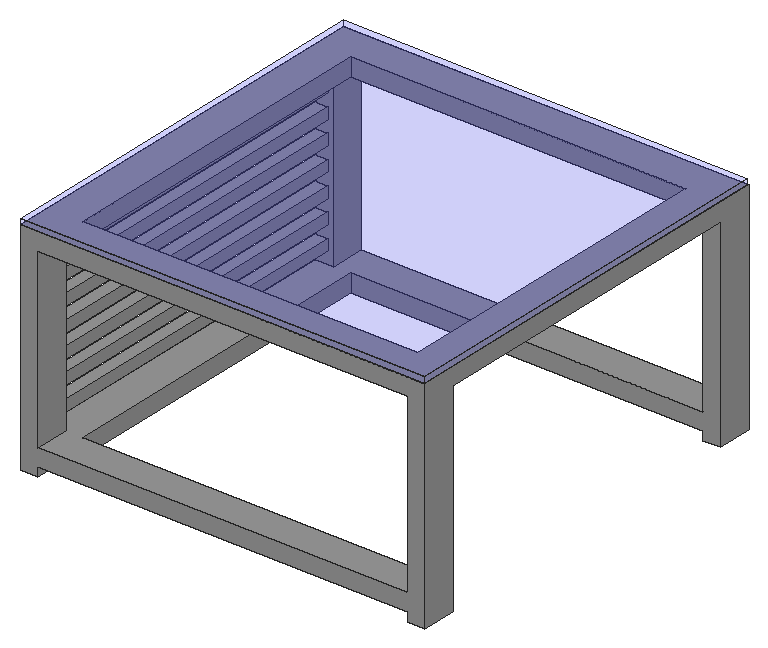
Revit family "14309 Столик «Параллель» Хоббика", category Антураж, Revit 2018
Family settings
  На основе рабочей плоскости = Нет
  Всегда вертикально = Да
  При загрузке вырезать с полостями = Нет
  Источник визуального образа = Геометрия семейства
  Общий = Нет
  Точка расчета площади = Нет
Parameters (values of type "Стеклянная столешница")
  Ширина = 700 mm  # constant formula
  Цвет стекла = Стекло
  Цвет каркаса = Сталь
  Цвет отделки = Дерево
  Стеклянная столешница = not(Деревянная столешница)  # yes
  Описание = if(Деревянная столешница, "Столик «Параллель» с деревянной столешницей", "Столик «Параллель» со стеклянной столешницей")  # "Столик «Параллель» со стеклянной столешницей"
  Материал изделия = if(Деревянная столешница, "Сталь, дерево", "Сталь, дерево, стекло")  # "Сталь, дерево, стекло"
  Изображение типоразмера = Столик «Параллель» со стеклянной столешницей Арт 14309.jpg
  Изготовитель = "ООО «Хоббика»"  # constant formula
  Длина = 700 mm  # constant formula
  Деревянная столешница = no
  Группа модели = "Мебель для дома и террас"  # constant formula
  Высота = 390 mm  # constant formula
  Артикул товара = "Арт. 14309"  # constant formula
  URL = "https://hobbyka.ru/product/stolik_parallel"
Types (3, lengths in mm): name | Стеклянная столешница | Описание | Материал изделия | Деревянная столешница
  (no name) | yes | "Столик «Параллель» со стеклянной столешницей" | "Сталь, дерево, стекло" | no
  Деревянная столешница | no | "Столик «Параллель» с деревянной столешницей" | "Сталь, дерево" | yes
  Стеклянная столешница | yes | "Столик «Параллель» со стеклянной столешницей" | "Сталь, дерево, стекло" | no
Reference planes
  plane 1 "По центру (Вперед/Назад)": y = 0
  plane 2: z = 0
  plane 3 "По центру (Влево/Вправо)": x = 0
  plane 4: x = 700
  plane 5: y = 700
  plane 6: z = 390
Forms (mm)
  Extrusion 1, solid, material "Сталь" <- "Цвет каркаса"
    sketch origin (0, 0, 0) x (1, 0, 0) y (0, 1, 0)
      loop
        line (30, 700) -> (0, 700) -> (0, 640) -> (30, 640) -> (30, 700)
      loop
        line (30, 60) -> (0, 60) -> (0, 0) -> (30, 0) -> (30, 60)
      loop
        line (700, 700) -> (670, 700) -> (670, 640) -> (700, 640) -> (700, 700)
      loop
        line (700, 60) -> (670, 60) -> (670, 0) -> (700, 0) -> (700, 60)
    from 0 to 380
  Extrusion 2, solid, material "Сталь" <- "Цвет каркаса"
    sketch origin (0, 0, 0) x (1, 0, 0) y (0, 1, 0)
      loop
        line (0, 700) -> (0, 0) -> (700, 0) -> (700, 60) -> (60, 60) -> (60, 640) -> (700, 640) -> (700, 700) -> (0, 700)
    from 15 to 45
  Extrusion 3, solid, material "Дерево" <- "Цвет отделки", visible <- "Деревянная столешница"
    sketch origin (0, 0, 0) x (1, 0, 0) y (0, 1, 0)
      loop
        line (0, 700) -> (0, 650) -> (700, 650) -> (700, 700) -> (0, 700)
    from 380 to 390
  Extrusion 4, solid, material "Дерево" <- "Цвет отделки", visible <- "Деревянная столешница"
    sketch origin (0, -50, 0) x (1, 0, 0) y (0, 1, 0)
      loop
        line (0, 700) -> (0, 650) -> (700, 650) -> (700, 700) -> (0, 700)
    from 380 to 390
  Extrusion 5, solid, material "Дерево" <- "Цвет отделки", visible <- "Деревянная столешница"
    sketch origin (0, -100, 0) x (1, 0, 0) y (0, 1, 0)
      loop
        line (0, 700) -> (0, 650) -> (700, 650) -> (700, 700) -> (0, 700)
    from 380 to 390
  Extrusion 6, solid, material "Дерево" <- "Цвет отделки", visible <- "Деревянная столешница"
    sketch origin (0, -150, 0) x (1, 0, 0) y (0, 1, 0)
      loop
        line (0, 700) -> (0, 650) -> (700, 650) -> (700, 700) -> (0, 700)
    from 380 to 390
  Extrusion 7, solid, material "Дерево" <- "Цвет отделки", visible <- "Деревянная столешница"
    sketch origin (0, -200, 0) x (1, 0, 0) y (0, 1, 0)
      loop
        line (0, 700) -> (0, 650) -> (700, 650) -> (700, 700) -> (0, 700)
    from 380 to 390
  Extrusion 8, solid, material "Дерево" <- "Цвет отделки", visible <- "Деревянная столешница"
    sketch origin (0, -250, 0) x (1, 0, 0) y (0, 1, 0)
      loop
        line (0, 700) -> (0, 650) -> (700, 650) -> (700, 700) -> (0, 700)
    from 380 to 390
  Extrusion 9, solid, material "Дерево" <- "Цвет отделки", visible <- "Деревянная столешница"
    sketch origin (0, -300, 0) x (1, 0, 0) y (0, 1, 0)
      loop
        line (0, 700) -> (0, 650) -> (700, 650) -> (700, 700) -> (0, 700)
    from 380 to 390
  Extrusion 10, solid, material "Дерево" <- "Цвет отделки", visible <- "Деревянная столешница"
    sketch origin (0, -350, 0) x (1, 0, 0) y (0, 1, 0)
      loop
        line (0, 700) -> (0, 650) -> (700, 650) -> (700, 700) -> (0, 700)
    from 380 to 390
  Extrusion 11, solid, material "Дерево" <- "Цвет отделки", visible <- "Деревянная столешница"
    sketch origin (0, -400, 0) x (1, 0, 0) y (0, 1, 0)
      loop
        line (0, 700) -> (0, 650) -> (700, 650) -> (700, 700) -> (0, 700)
    from 380 to 390
  Extrusion 12, solid, material "Дерево" <- "Цвет отделки", visible <- "Деревянная столешница"
    sketch origin (0, -450, 0) x (1, 0, 0) y (0, 1, 0)
      loop
        line (0, 700) -> (0, 650) -> (700, 650) -> (700, 700) -> (0, 700)
    from 380 to 390
  Extrusion 13, solid, material "Дерево" <- "Цвет отделки", visible <- "Деревянная столешница"
    sketch origin (0, -500, 0) x (1, 0, 0) y (0, 1, 0)
      loop
        line (0, 700) -> (0, 650) -> (700, 650) -> (700, 700) -> (0, 700)
    from 380 to 390
  Extrusion 14, solid, material "Дерево" <- "Цвет отделки", visible <- "Деревянная столешница"
    sketch origin (0, -550, 0) x (1, 0, 0) y (0, 1, 0)
      loop
        line (0, 700) -> (0, 650) -> (700, 650) -> (700, 700) -> (0, 700)
    from 380 to 390
  Extrusion 15, solid, material "Дерево" <- "Цвет отделки", visible <- "Деревянная столешница"
    sketch origin (0, -600, 0) x (1, 0, 0) y (0, 1, 0)
      loop
        line (0, 700) -> (0, 650) -> (700, 650) -> (700, 700) -> (0, 700)
    from 380 to 390
  Extrusion 16, solid, material "Дерево" <- "Цвет отделки", visible <- "Деревянная столешница"
    sketch origin (0, -650, 0) x (1, 0, 0) y (0, 1, 0)
      loop
        line (0, 700) -> (0, 650) -> (700, 650) -> (700, 700) -> (0, 700)
    from 380 to 390
  Extrusion 17, solid, material "Сталь" <- "Цвет каркаса"
    sketch origin (0, 0, 0) x (1, 0, 0) y (0, 1, 0)
      loop
        line (0, 700) -> (0, 0) -> (700, 0) -> (700, 700) -> (0, 700)
      loop
        line (60, 640) -> (60, 60) -> (640, 60) -> (640, 640) -> (60, 640)
    from 350 to 380
  Extrusion 18, solid, material "Дерево" <- "Цвет отделки"
    sketch origin (0, 0, 0) x (1, 0, 0) y (0, 0, 1)
      loop
        line (0, 65) -> (20, 65) -> (20, 85) -> (0, 85) -> (0, 65)
    from -640 to -60
  Extrusion 19, solid, material "Дерево" <- "Цвет отделки"
    sketch origin (0, 0, 245) x (1, 0, 0) y (0, 0, 1)
      loop
        line (0, 65) -> (20, 65) -> (20, 85) -> (0, 85) -> (0, 65)
    from -640 to -60
  Extrusion 20, solid, material "Дерево" <- "Цвет отделки"
    sketch origin (0, 0, 40.833) x (1, 0, 0) y (0, 0, 1)
      loop
        line (0, 65) -> (20, 65) -> (20, 85) -> (0, 85) -> (0, 65)
    from -640 to -60
  Extrusion 21, solid, material "Дерево" <- "Цвет отделки"
    sketch origin (0, 0, 81.667) x (1, 0, 0) y (0, 0, 1)
      loop
        line (0, 65) -> (20, 65) -> (20, 85) -> (0, 85) -> (0, 65)
    from -640 to -60
  Extrusion 22, solid, material "Дерево" <- "Цвет отделки"
    sketch origin (0, 0, 122.5) x (1, 0, 0) y (0, 0, 1)
      loop
        line (0, 65) -> (20, 65) -> (20, 85) -> (0, 85) -> (0, 65)
    from -640 to -60
  Extrusion 23, solid, material "Дерево" <- "Цвет отделки"
    sketch origin (0, 0, 163.333) x (1, 0, 0) y (0, 0, 1)
      loop
        line (0, 65) -> (20, 65) -> (20, 85) -> (0, 85) -> (0, 65)
    from -640 to -60
  Extrusion 24, solid, material "Дерево" <- "Цвет отделки"
    sketch origin (0, 0, 204.167) x (1, 0, 0) y (0, 0, 1)
      loop
        line (0, 65) -> (20, 65) -> (20, 85) -> (0, 85) -> (0, 65)
    from -640 to -60
  Extrusion 25, solid, material "Стекло" <- "Цвет стекла", visible <- "Стеклянная столешница"
    sketch origin (0, 0, 0) x (1, 0, 0) y (0, 1, 0)
      loop
        line (0, 700) -> (0, 0) -> (700, 0) -> (700, 700) -> (0, 700)
    from 380 to 390
Cuts and joins
  joined: Extrusion 1, Extrusion 2, Extrusion 17
Dimensions and locks
  "Длина": plane 3 "По центру (Влево/Вправо)" to plane 4
  "Ширина": plane 5 to plane 1 "По центру (Вперед/Назад)"
  "Высота": plane 6 to plane 2
  equal spacing: group 1, group 3, group 4, group 5, group 6, group 7, group 2  (x3)
  aligned and locked: level to plane 2
Automatic sketch dimensions
  plane 1 "По центру (Вперед/Назад)" to Extrusion 1 sketch curve = 0 mm  (x2)
  Extrusion 1 sketch curve to plane 3 "По центру (Влево/Вправо)" = 0 mm  (x2)
  Extrusion 1 sketch curve to plane 5 = 0 mm  (x2)
  Extrusion 1 sketch curve to plane 4 = 0 mm  (x2)
  plane 3 "По центру (Влево/Вправо)" to Extrusion 1 sketch curve = 30 mm  (x2)
  Extrusion 1 sketch curve to plane 4 = 30 mm
  Extrusion 1 sketch curve to Extrusion 1 sketch curve = 30 mm
  Extrusion 1 sketch curve to plane 1 "По центру (Вперед/Назад)" = 60 mm  (x2)
  Extrusion 1 sketch curve to plane 5 = 60 mm
  Extrusion 1 sketch curve to Extrusion 1 sketch curve = 60 mm
  plane 1 "По центру (Вперед/Назад)" to Extrusion 2 sketch curve = 0 mm
  Extrusion 2 sketch curve to plane 3 "По центру (Влево/Вправо)" = 0 mm
  Extrusion 2 sketch curve to plane 4 = 0 mm  (x2)
  Extrusion 2 sketch curve to plane 5 = 0 mm
  plane 3 "По центру (Влево/Вправо)" to Extrusion 2 sketch curve = 60 mm
  Extrusion 2 sketch curve to plane 1 "По центру (Вперед/Назад)" = 60 mm
  Extrusion 2 sketch curve to plane 5 = 60 mm
  Extrusion 3 sketch curve to plane 3 "По центру (Влево/Вправо)" = 0 mm
  Extrusion 3 sketch curve to plane 4 = 0 mm
  Extrusion 3 sketch curve to plane 5 = 0 mm
  Extrusion 3 sketch curve to plane 5 = 50 mm
  Extrusion 4 sketch curve to plane 3 "По центру (Влево/Вправо)" = 0 mm
  Extrusion 4 sketch curve to plane 4 = 0 mm
  Extrusion 4 sketch curve to plane 5 = 100 mm
  Extrusion 4 sketch curve to plane 5 = 50 mm
  Extrusion 5 sketch curve to plane 3 "По центру (Влево/Вправо)" = 0 mm
  Extrusion 5 sketch curve to plane 4 = 0 mm
  Extrusion 5 sketch curve to plane 5 = 150 mm
  Extrusion 5 sketch curve to Extrusion 5 sketch curve = 50 mm
  Extrusion 6 sketch curve to plane 3 "По центру (Влево/Вправо)" = 0 mm
  Extrusion 6 sketch curve to plane 4 = 0 mm
  Extrusion 6 sketch curve to plane 5 = 200 mm
  Extrusion 6 sketch curve to Extrusion 6 sketch curve = 50 mm
  Extrusion 7 sketch curve to plane 3 "По центру (Влево/Вправо)" = 0 mm
  Extrusion 7 sketch curve to plane 4 = 0 mm
  Extrusion 7 sketch curve to plane 5 = 250 mm
  Extrusion 7 sketch curve to Extrusion 7 sketch curve = 50 mm
  Extrusion 8 sketch curve to plane 3 "По центру (Влево/Вправо)" = 0 mm
  Extrusion 8 sketch curve to plane 4 = 0 mm
  Extrusion 8 sketch curve to plane 5 = 300 mm
  Extrusion 8 sketch curve to Extrusion 8 sketch curve = 50 mm
  Extrusion 9 sketch curve to plane 3 "По центру (Влево/Вправо)" = 0 mm
  Extrusion 9 sketch curve to plane 4 = 0 mm
  Extrusion 9 sketch curve to plane 1 "По центру (Вперед/Назад)" = 350 mm
  Extrusion 9 sketch curve to Extrusion 9 sketch curve = 50 mm
  Extrusion 10 sketch curve to plane 3 "По центру (Влево/Вправо)" = 0 mm
  Extrusion 10 sketch curve to plane 4 = 0 mm
  Extrusion 10 sketch curve to plane 1 "По центру (Вперед/Назад)" = 300 mm
  Extrusion 10 sketch curve to Extrusion 10 sketch curve = 50 mm
  Extrusion 11 sketch curve to plane 3 "По центру (Влево/Вправо)" = 0 mm
  Extrusion 11 sketch curve to plane 4 = 0 mm
  Extrusion 11 sketch curve to plane 1 "По центру (Вперед/Назад)" = 250 mm
  Extrusion 11 sketch curve to Extrusion 11 sketch curve = 50 mm
  Extrusion 12 sketch curve to plane 3 "По центру (Влево/Вправо)" = 0 mm
  Extrusion 12 sketch curve to plane 4 = 0 mm
  Extrusion 12 sketch curve to plane 1 "По центру (Вперед/Назад)" = 200 mm
  Extrusion 12 sketch curve to Extrusion 12 sketch curve = 50 mm
  Extrusion 13 sketch curve to plane 3 "По центру (Влево/Вправо)" = 0 mm
  Extrusion 13 sketch curve to plane 4 = 0 mm
  Extrusion 13 sketch curve to plane 1 "По центру (Вперед/Назад)" = 150 mm
  Extrusion 13 sketch curve to Extrusion 13 sketch curve = 50 mm
  Extrusion 14 sketch curve to plane 3 "По центру (Влево/Вправо)" = 0 mm
  Extrusion 14 sketch curve to plane 4 = 0 mm
  Extrusion 14 sketch curve to plane 1 "По центру (Вперед/Назад)" = 100 mm
  Extrusion 14 sketch curve to Extrusion 14 sketch curve = 50 mm
  Extrusion 15 sketch curve to plane 3 "По центру (Влево/Вправо)" = 0 mm
  Extrusion 15 sketch curve to plane 4 = 0 mm
  Extrusion 15 sketch curve to plane 1 "По центру (Вперед/Назад)" = 50 mm
  Extrusion 15 sketch curve to Extrusion 15 sketch curve = 50 mm
  plane 1 "По центру (Вперед/Назад)" to Extrusion 16 sketch curve = 0 mm
  Extrusion 16 sketch curve to plane 3 "По центру (Влево/Вправо)" = 0 mm
  Extrusion 16 sketch curve to plane 4 = 0 mm
  Extrusion 16 sketch curve to Extrusion 16 sketch curve = 50 mm
  Extrusion 17 sketch curve to plane 3 "По центру (Влево/Вправо)" = 0 mm
  Extrusion 17 sketch curve to plane 5 = 0 mm
  plane 3 "По центру (Влево/Вправо)" to Extrusion 17 sketch curve = 60 mm
  Extrusion 17 sketch curve to plane 4 = 60 mm
  Extrusion 17 sketch curve to plane 5 = 60 mm
  Extrusion 17 sketch curve to plane 4 = 0 mm
  Extrusion 17 sketch curve to plane 1 "По центру (Вперед/Назад)" = 60 mm
  plane 1 "По центру (Вперед/Назад)" to Extrusion 17 sketch curve = 0 mm
  Extrusion 18 sketch curve to Extrusion 18 sketch curve = 20 mm  (x2)
  Extrusion 19 sketch curve to Extrusion 19 sketch curve = 20 mm  (x2)
  Extrusion 20 sketch curve to Extrusion 20 sketch curve = 20 mm  (x2)
  Extrusion 21 sketch curve to Extrusion 21 sketch curve = 20 mm  (x2)
  Extrusion 22 sketch curve to Extrusion 22 sketch curve = 20 mm  (x2)
  Extrusion 23 sketch curve to Extrusion 23 sketch curve = 20 mm  (x2)
  Extrusion 24 sketch curve to Extrusion 24 sketch curve = 20 mm  (x2)
  plane 1 "По центру (Вперед/Назад)" to Extrusion 25 sketch curve = 0 mm
  Extrusion 25 sketch curve to plane 3 "По центру (Влево/Вправо)" = 0 mm
  Extrusion 25 sketch curve to plane 4 = 0 mm
  Extrusion 25 sketch curve to plane 5 = 0 mm
